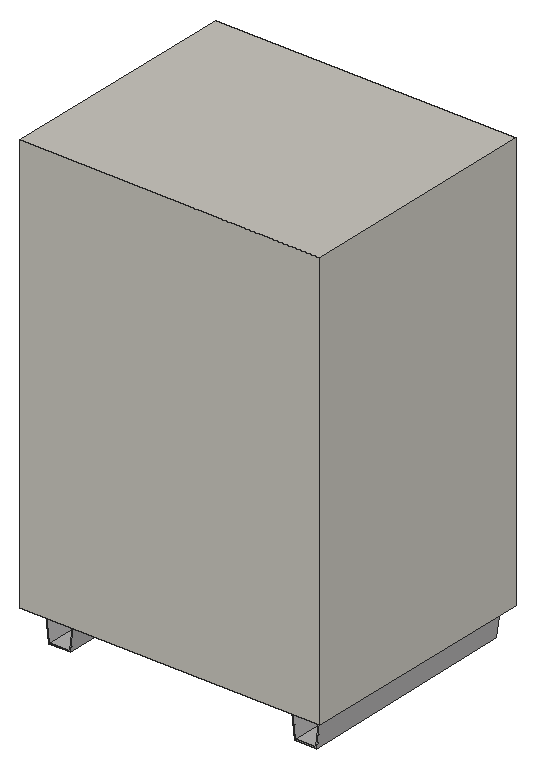
Revit family "1GAHP-GS Indoor", category Wyposażenie mechaniczne, Revit 2015
Parameters (values of type "GAHP-GS")
  Wysokość = 1278.00 mm
  Współczynnik mocy = 1
  Wolna przestrzeń wokół urządzenia [instance] = yes
  Waga płynu roboczego - woda = 10.00 kg
  Waga płynu roboczego - amoniak R717 = 7.00 kg
  Waga = 300.00 kg
  URL = "www.gazuno.pl"
  Szerokość = 848.00 mm
  Sposób instalacji = "C13, C33, C43, C53, C63, C83, B23P, B33"
  Spadek ciśnienia medium przy nominalnym przepływie = 0.51 bar
  Rzeczywista moc grzewcza palnika = 25200 W
  Producent = "Robur"  # constant formula
  Opis = "Gazowa, absorpcyjna pompa ciepła grunt/woda. Zasilana gazem i energią odnawialną."
  Obciążenie pozorne = Moc elektryczna / Współczynnik mocy  # 410 VA
  Nominalny spadek ciśnienia wody grzewczej = 0.49 bar
  Nominalny przepływ wody grzewczej = 0.881 L/s
  Nominalny przepływ medium w odnawialnym źródle = 0.839 L/s
  Nominalna moc grzewcza palnika = 25700 W
  Napięcie zasilania = 230 V
  Model = "GAHP-GS"
  Moc elektryczna = 410 W
  Min. temperatura wody na wejściu do urządzenia (podczas pracy ciągłej) = 20 °C
  Min. temperatura powietrza zewnętrznego (tryb grzania) = 0 °C
  Min. temperatura medium na wejściu do odnawialnego źródła = -5 °C
  Min. przepływ wody grzewczej = 0.389 L/s
  Min. przepływ medium w odnawialnym źródle = 0.556 L/s
  Max. temperatura wody na wyjściu z urządzenia = 65 °C
  Max. temperatura wody na wejściu do urządzenia = 55 °C
  Max. temperatura powietrza zewnętrznego (tryb grzania) = 45 °C
  Max. temperatura medium na wyjściu z odnawialnego źródła = 45 °C
  Max. przepływ wody grzewczej = 1.111 L/s
  Max. przepływ medium w odnawialnym źródle = 1.111 L/s
  Max. przepływ kondensatu = "4 l/h"
  Max. ciśnienie w układzie absorpcyjnym = "35 bar"
  Materiał podstawa = Robur_Stal
  Materiał obudowa = Robur_CashmereGrey
  Maksymalne ciśnienie robocze = 4 bar
  Klasyfikacja obciążenia = Inne
  IP = "X5D"
  Głębokość = 690.00 mm
  Dokumentacja techniczna = "http://www.gazuno.pl/assets/files/Gazuno/Produkty/Pompy%20Ciep%C5%82a/GAHP-GS/D-LBR608_E_13MCMSDC013_GAHP-GS_WS_fw3.028_BICI_ErP_PL.PDF"
  Ciśnienie gazu zasilającego (gaz ziemny G20) = "17 - 23 mbar"
  Ciśnienie gazu zasilającego (LPG G30/G31) = "32 - 42 mbar"
  Ciśnienie akustyczne w odległości 5 metrów = "44,1 dB (A)"
  Autor = "www.archispace.pl"
Reference planes
  plane 1 "Środek (Przód/Tył)": y = 0
  plane 2: z = 0
  plane 3 "Środek (Lewa/Prawa)": x = 0
  plane 4: y = 345
  plane 5: y = -345
  plane 6: x = -424
  plane 7: x = 424
  plane 8: x = -874
  plane 9: x = 874
  plane 10: y = -1145
  plane 11: y = 545
  plane 12: z = 1278
  plane 13: y = 15
  plane 14: y = 135
Forms (mm)
  Extrusion 1, solid, material "Robur_Stal" <- "Materiał podstawa", detail levels fine
    sketch origin (0, 0, 0) x (1, 0, 0) y (0, 0, 1)
      loop
        line (304.662, 95) -> (317.5, 0) -> (377.5, 0) -> (390.338, 95) -> (387.815, 95) -> (375.315, 2.5) -> (319.685, 2.5) -> (307.185, 95) -> (304.662, 95)
      loop
        line (-304.662, 95) -> (-307.185, 95) -> (-319.685, 2.5) -> (-375.315, 2.5) -> (-387.815, 95) -> (-390.338, 95) -> (-377.5, 0) -> (-317.5, 0) -> (-304.662, 95)
    from -335 to 300
  Extrusion 2, solid, material "Robur_Stal" <- "Materiał podstawa", detail levels medium
    sketch origin (0, 0, 0) x (1, 0, 0) y (0, 0, 1)
      loop
        line (-390.338, 95) -> (-390.338, 0) -> (-304.662, 0) -> (-304.662, 95) -> (-390.338, 95)
      loop
        line (390.338, 95) -> (304.662, 95) -> (304.662, 0) -> (390.338, 0) -> (390.338, 95)
    from -335 to 300
  Extrusion 3, solid, material "Robur_CashmereGrey" <- "Materiał obudowa", detail levels coarse
    sketch origin (0, 0, 0) x (1, 0, 0) y (0, 1, 0)
      loop
        line (-424, -345) -> (424, -345) -> (424, 345) -> (-424, 345) -> (-424, -345)
    from 0 to 1278 <- "Wysokość"
  Extrusion 4, solid, material "Robur_CashmereGrey" <- "Materiał obudowa", detail levels medium+fine
    sketch origin (0, 0, 0) x (1, 0, 0) y (0, 1, 0)
      loop
        line (-424, -345) -> (424, -345) -> (424, 345) -> (-424, 345) -> (-424, -345)
    from 95 to 1278 <- "Wysokość"
  Extrusion 5, solid, material "Robur_CashmereGrey" <- "Materiał obudowa", detail levels fine
    sketch origin (-626.941, 345, 1200) x (-1, 0, 0) y (0, 0, 1)
      loop
        circle (-997.941, -304) r 16
      loop
        circle (-730.941, -304) r 16
      loop
        circle (-391.941, -107) r 16
      loop
        circle (-293.941, -107) r 16
    from 0 to 30
  Extrusion 6, solid, material "Robur_CashmereGrey" <- "Materiał obudowa", detail levels fine
    sketch origin (-424, 965.13, 1200) x (0, 1, 0) y (0, 0, 1)
      loop
        circle (-1050.13, -265) r 10
    from 0 to -10
  Sweep 7, solid, material "Robur_CashmereGrey" <- "Materiał obudowa"
    path origin (-705.709, 15, 1200) x (-1, 0, 0) y (0, 0, 1)
      loop
        line (-281.709, -265) -> (-221.709, -265)
    profile origin (-454, 15, 935) x (0, 0, 1) y (0, 1, 0)
      loop
        circle (0, 0) r 45
  Sweep 8, solid, material "Robur_CashmereGrey" <- "Materiał obudowa"
    path origin (-705.709, 135, 1200) x (-1, 0, 0) y (0, 0, 1)
      loop
        line (-281.709, -265) -> (-221.709, -265)
    profile origin (-454, 135, 935) x (0, 0, 1) y (0, 1, 0)
      loop
        circle (0, 0) r 45
Lines and regions (mm)
  model lines, visible <- "Wolna przestrzeń wokół urządzenia"
    curve 1: line (-874, 545, 0) -> (-874, -1145, 0)
    curve 2: line (874, 545, 0) -> (874, -1145, 0)
    curve 3: line (-874, 545, 0) -> (874, 545, 0)
    curve 4: line (-874, -1145, 0) -> (874, -1145, 0)
    curve 5: line (-874, 545, 1278) -> (-874, -1145, 1278)
    curve 6: line (-874, 545, 1278) -> (874, 545, 1278)
    curve 7: line (874, 545, 1278) -> (874, -1145, 1278)
    curve 8: line (-874, -1145, 1278) -> (874, -1145, 1278)
    curve 9: line (-874, -1145, 0) -> (-874, -1145, 1278)
    curve 10: line (874, -1145, 0) -> (874, -1145, 1278)
    curve 11: line (-874, 545, 0) -> (-874, 545, 1278)
    curve 12: line (874, 545, 0) -> (874, 545, 1278)
Dimensions and locks
  equal spacing: plane 5, plane 1 "Środek (Przód/Tył)", plane 4
  "Głębokość": plane 5 to plane 4
  equal spacing: plane 6, plane 3 "Środek (Lewa/Prawa)", plane 7
  "Szerokość": plane 6 to plane 7
  locked: plane 8 to plane 6 at 450
  locked: plane 7 to plane 9 at 450
  locked: plane 11 to plane 4 at 200
  locked: plane 10 to plane 5 at 800
  "Wysokość": plane 12 to level
  plane 4 to plane 14 to plane 13 = 210.00 mm locked, 120.00 mm locked
  aligned and locked: level to plane 2
  aligned and locked: curve 1 to plane 8
  aligned and locked: plane 9 to curve 2
  aligned and locked: curve 3 to plane 11
  aligned and locked: curve 4 to plane 10
  aligned and locked: curve 5 to plane 8
  aligned and locked: curve 6 to plane 11
  aligned and locked: plane 9 to curve 7
  aligned and locked: curve 8 to plane 10
Automatic sketch dimensions
  Extrusion 1 sketch curve to level = 0.00 mm  (x2)
  plane 6 to Extrusion 1 sketch curve = 33.662 mm
  Extrusion 1 sketch curve to Extrusion 1 sketch curve = 2.523 mm  (x4)
  plane 6 to Extrusion 1 sketch curve = 46.50 mm
  level to Extrusion 1 sketch curve = 2.50 mm  (x2)
  Extrusion 1 sketch curve to Extrusion 1 sketch curve = 2.185 mm  (x4)
  Extrusion 1 sketch curve to Extrusion 1 sketch curve = 55.63 mm
  Extrusion 1 sketch curve to Extrusion 1 sketch curve = 80.63 mm
  plane 7 to Extrusion 1 sketch curve = 119.338 mm
  Extrusion 1 sketch curve to Extrusion 1 sketch curve = 10.315 mm
  plane 7 to Extrusion 1 sketch curve = 48.685 mm
  plane 7 to Extrusion 1 sketch curve = 36.185 mm
  Extrusion 1 sketch curve to Extrusion 1 sketch curve = 92.50 mm  (x2)
  Extrusion 1 sketch curve to Extrusion 1 sketch curve = 0.00 mm  (x2)
  Extrusion 3 sketch curve to plane 4 = 0.00 mm
  Extrusion 3 sketch curve to plane 6 = 0.00 mm
  Extrusion 3 sketch curve to plane 7 = 0.00 mm
  plane 5 to Extrusion 3 sketch curve = 0.00 mm
  curve 10 to level = 0.00 mm
  plane 9 to curve 10 = 0.00 mm
  curve 9 to plane 8 = 0.00 mm
  curve 9 to level = 0.00 mm
  curve 10 to plane 12 = 0.00 mm
  curve 9 to plane 12 = 0.00 mm
  curve 12 to level = 0.00 mm
  plane 9 to curve 12 = 0.00 mm
  curve 11 to plane 8 = 0.00 mm
  curve 11 to level = 0.00 mm
  curve 12 to plane 12 = 0.00 mm
  curve 11 to plane 12 = 0.00 mm
  Extrusion 2 sketch curve to level = 0.00 mm  (x2)
  plane 6 to Extrusion 2 sketch curve = 33.662 mm
  Extrusion 2 sketch curve to Extrusion 2 sketch curve = 85.676 mm
  plane 7 to Extrusion 2 sketch curve = 119.338 mm
  plane 7 to Extrusion 2 sketch curve = 33.662 mm
  level to Extrusion 2 sketch curve = 95.00 mm  (x2)
  Extrusion 4 sketch curve to plane 4 = 0.00 mm
  Extrusion 4 sketch curve to plane 6 = 0.00 mm
  Extrusion 4 sketch curve to plane 7 = 0.00 mm
  plane 5 to Extrusion 4 sketch curve = 0.00 mm
  plane 7 to Extrusion 5 sketch curve = 53.00 mm
  plane 3 "Środek (Lewa/Prawa)" to Extrusion 5 sketch curve = 104.00 mm
  plane 6 to Extrusion 5 sketch curve = 189.00 mm
  plane 6 to Extrusion 5 sketch curve = 91.00 mm
  Extrusion 5 sketch curve to plane 12 = 382.00 mm
  Extrusion 5 sketch curve to Extrusion 5 sketch curve = 0.00 mm  (x2)
  Extrusion 5 sketch curve to plane 12 = 185.00 mm
  plane 1 "Środek (Przód/Tył)" to Extrusion 6 sketch curve = 85.00 mm
  Extrusion 6 sketch curve to plane 12 = 343.00 mm
  Sweep 7 sketch curve to plane 13 = 0.00 mm
  profile plane to Sweep 7 sketch curve = 0.00 mm
  Sweep 8 sketch curve to plane 14 = 0.00 mm
  profile plane to Sweep 8 sketch curve = 0.00 mm
  Sweep 7 sketch curve to plane 6 = 0.00 mm
  Sweep 7 sketch curve to plane 6 = 60.00 mm
  Sweep 7 sketch curve to plane 12 = 343.00 mm
  Sweep 8 sketch curve to plane 6 = 0.00 mm
  Sweep 8 sketch curve to plane 6 = 60.00 mm
  Sweep 8 sketch curve to plane 12 = 343.00 mm
  radius of Extrusion 5 sketch curve = 16.00 mm  (x4)
  radius of Extrusion 6 sketch curve = 10.00 mm
  radius of Sweep 7 sketch curve = 45.00 mm
  radius of Sweep 8 sketch curve = 45.00 mm
Connectors
  piping at (371, 375, 896), diameter 31.75
    settings: on Extrusion 5, index 1, connector inside diameter 609.6 mm, connector length 0.00 mm, flow factor 0, pipe flow 0.000 L/s, pressure drop 0 bar, fitting loss kfactor 0, connector angle 0.00°, fixture units 0, engagement length 0.00 mm, angle of deflection 0.00°, flow configuration 0, flow direction 2, fitting loss method 0, system type 7, joint type 0, gender type 0, connector reference index -1, connector utility 0, adjustable connector no, is connector primary yes, connector description "Przyłącze wody wyjście (strona gorąca) Ø 1\"¼"
  piping at (104, 375, 896), diameter 31.75
    settings: on Extrusion 5, index 2, connector inside diameter 609.6 mm, connector length 0.00 mm, flow factor 0, pipe flow 0.000 L/s, pressure drop 0 bar, fitting loss kfactor 0, connector angle 0.00°, fixture units 0, engagement length 0.00 mm, angle of deflection 0.00°, flow configuration 0, flow direction 2, fitting loss method 0, system type 8, joint type 0, gender type 0, connector reference index -1, connector utility 0, adjustable connector no, is connector primary no, connector description "Przyłącze wody wyjście (strona zimna) Ø 1\"¼"
  piping at (-235, 375, 1093), diameter 31.75
    settings: on Extrusion 5, index 3, connector inside diameter 609.6 mm, connector length 0.00 mm, flow factor 0, pipe flow 0.000 L/s, pressure drop 0 bar, fitting loss kfactor 0, connector angle 0.00°, fixture units 0, engagement length 0.00 mm, angle of deflection 0.00°, flow configuration 0, flow direction 1, fitting loss method 0, system type 7, joint type 0, gender type 0, connector reference index -1, connector utility 0, adjustable connector no, is connector primary no, connector description "Przyłącze wody wejście (strona zimna) Ø 1\"¼"
  piping at (-333, 375, 1093), diameter 31.75
    settings: on Extrusion 5, index 4, connector inside diameter 609.6 mm, connector length 0.00 mm, flow factor 0, pipe flow 0.000 L/s, pressure drop 0 bar, fitting loss kfactor 0, connector angle 0.00°, fixture units 0, engagement length 0.00 mm, angle of deflection 0.00°, flow configuration 0, flow direction 1, fitting loss method 0, system type 8, joint type 0, gender type 0, connector reference index -1, connector utility 0, adjustable connector no, is connector primary no, connector description "Przyłącze wody wejście (strona gorąca) Ø 1\"¼"
  piping at (-434, -85, 935), diameter 19.05
    settings: on Extrusion 6, index 5, connector inside diameter 609.6 mm, connector length 0.00 mm, flow factor 0, pipe flow 0.000 L/s, pressure drop 0 bar, fitting loss kfactor 0, connector angle 0.00°, fixture units 0, engagement length 0.00 mm, angle of deflection 0.00°, flow configuration 0, flow direction 1, fitting loss method 0, system type 22, joint type 0, gender type 0, connector reference index -1, connector utility 0, adjustable connector no, is connector primary no, connector description "Przyłącze gazu Ø ¾\""
  electrical at (0, 345, 686.5), driven by "Napięcie zasilania", driven by "Klasyfikacja obciążenia", driven by "Obciążenie pozorne", driven by "Współczynnik mocy"
    settings: on Extrusion 4, index 6, voltage 230 V, apparent load 410 VA, apparent load phase1 0 VA, apparent load phase2 0 VA, apparent load phase3 0 VA, power factor 1, load classification "Inne", number of poles 1, system type 30, power factor state 1, is connector primary yes, connector utility no, sub classification motor no, connector description ""
  electrical at (0, 0, 95)
    settings: on Extrusion 4, index 7, voltage 0 V, apparent load 0 VA, apparent load phase1 0 VA, apparent load phase2 0 VA, apparent load phase3 0 VA, power factor 1, load classification "Inne", number of poles 1, system type 13, power factor state 1, is connector primary no, connector utility no, sub classification motor no, connector description ""
  piping at (-484, 135, 935), diameter 80
    settings: on Sweep 8, index 8, connector inside diameter 609.6 mm, connector length 0.00 mm, flow factor 0, pipe flow 0.000 L/s, pressure drop 0 bar, fitting loss kfactor 0, connector angle 0.00°, fixture units 0, engagement length 0.00 mm, angle of deflection 0.00°, flow configuration 0, flow direction 2, fitting loss method 0, system type 22, joint type 0, gender type 0, connector reference index -1, connector utility 0, adjustable connector no, is connector primary no, connector description "Odprowadzenie spalin Ø 80"
  piping at (-484, 15, 935), diameter 80
    settings: on Sweep 7, index 9, connector inside diameter 609.6 mm, connector length 0.00 mm, flow factor 0, pipe flow 0.000 L/s, pressure drop 0 bar, fitting loss kfactor 0, connector angle 0.00°, fixture units 0, engagement length 0.00 mm, angle of deflection 0.00°, flow configuration 0, flow direction 1, fitting loss method 0, system type 22, joint type 0, gender type 0, connector reference index -1, connector utility 0, adjustable connector no, is connector primary no, connector description "Wlot powietrza do spalania Ø 80"
